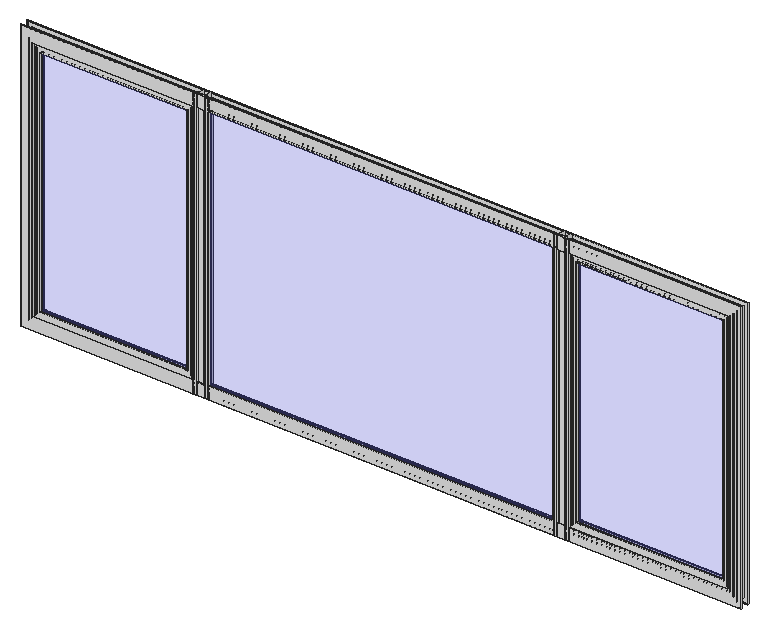
Revit family "WAL_A3-Classic-Side-Hung-2400-x900-PSS249", category Windows, host Wall, Revit 2016
Family settings
  Host = Wall
  Always vertical = Yes
  Cut with Voids When Loaded = No
  Shared = No
  Room Calculation Point = No
Parameters (values of type "600 x 900 PSS219 Classic Side Wall Hung")
  URL = "www.agi.co.za"
  Trim Material = Metal - Aluminium
  Model = "Top Hung"
  Manufacturer Code = "PSS249"
  Manufacturer = "AGI Aluminium"
  Height = 900 mm
  Glass Material = Glass
  Frame Material = Metal - Aluminium
  Description = "Classic Side Hung"
  Default Sill Height = 800 mm
  Wall Closure = By host
  Width = 2400 mm
  Assembly Code = "B2020110"
Reference planes
  plane 1 "Center": y = 0
  plane 2 "Center (Left/Right)": x = 0
  plane 3 "Left": x = -1200
  plane 4 "Right": x = 1200
  plane 5 "Sill": z = 800
  plane 6 "Head": z = 1700
  plane 7 "Exterior": y = 75
  plane 8 "Interior": y = -75
  plane 9: z = 1702
  plane 10: x = 1202
  plane 11: x = -1202
  plane 12: z = 798
  plane 13: z = 1664
  plane 14: z = 836
  plane 15: x = 1164
  plane 16: x = -1164
  plane 17: x = 600
  plane 18: x = 584
  plane 19: x = 622
  plane 20: x = -600
  plane 21: x = -584
  plane 22: x = -622
  plane 23: z = 1686.1
  plane 24: z = 813.9
Forms (mm)
  Sweep 1, solid, material "Metal - Aluminium", detail levels medium+fine
    path origin (0, 0, 0) x (1, 0, 0) y (0, 0, 1)
      loop
        line (1200, 1700) -> (-1200, 1700) -> (-1200, 800) -> (1200, 800) -> (1200, 1700)
    profile "Frame : Frame" origin (0, 0, 1700) x (0, 0, -1) y (0, -1, 0)
      loop
        line (0, -30) -> (28, -30) -> (28, -29) -> (26, -29) -> (26, -1) -> (28, -1) -> (28, -7) -> (29, -7) -> (29, -1) -> (37, -1) -> (37, -3.645) -> (38, -3.645) -> (38, -1) -> (40, -1) -> (40, -3.645) -> (41, -3.645) -> (41, 0) -> (0, 0) -> (0, -2) -> (1, -2) -> (1, -1) -> (15.005, -1) -> (15.005, -4) -> (16.005, -4) -> (16.005, -1) -> (25, -1) -> (25, -29) -> (16.005, -29) -> (16.005, -26) -> (15.005, -26) -> (15.005, -29) -> (1, -29) -> (1, -28) -> (0, -28) -> (0, -30)
  Sweep 2, solid, material "Metal - Aluminium", detail levels medium+fine
    path origin (0, 0, 0) x (1, 0, 0) y (0, 0, 1)
      loop
        line (600, 1700) -> (600, 800)
    profile "30 x 50 Center Divide : 30 x 50 Center Divide" origin (600, 0, 1250) x (1, 0, 0) y (0, -1, 0)
      loop
        line (-11, -5) -> (-11, -29) -> (11, -29) -> (11, -5) -> (-11, -5)
      loop
        line (-27.011, 0) -> (-27.011, -3.245) -> (-26.011, -3.245) -> (-26.011, -1) -> (-24.011, -1) -> (-24.011, -3.245) -> (-23.011, -3.245) -> (-23.011, -1) -> (-15.011, -1) -> (-15.011, -6.6) -> (-14.011, -6.6) -> (-14.011, -1) -> (-13.142, -1) -> (-12, -5.263) -> (-12, -29) -> (-14, -29) -> (-14, -30) -> (14, -30) -> (14, -29) -> (12, -29) -> (12, -5.263) -> (13.142, -1) -> (14, -1) -> (14, -7) -> (15, -7) -> (15, -1) -> (23, -1) -> (23, -3.645) -> (24, -3.645) -> (24, -1) -> (26, -1) -> (26, -3.645) -> (27, -3.645) -> (27, 0) -> (12.375, 0) -> (11.303, -4) -> (-11.303, -4) -> (-12.375, 0) -> (-27.011, 0)
  Sweep 3, solid, material "Metal - Aluminium", detail levels medium+fine
    path origin (0, 0, 0) x (-1, 0, 0) y (0, 0, 1)
      loop
        line (600, 1700) -> (600, 800)
    profile "30 x 50 Center Divide : 30 x 50 Center Divide" origin (-600, 0, 1250) x (1, 0, 0) y (0, -1, 0)
      loop
        line (11, -5) -> (-11, -5) -> (-11, -29) -> (11, -29) -> (11, -5)
      loop
        line (27.011, 0) -> (12.375, 0) -> (11.303, -4) -> (-11.303, -4) -> (-12.375, 0) -> (-27, 0) -> (-27, -3.645) -> (-26, -3.645) -> (-26, -1) -> (-24, -1) -> (-24, -3.645) -> (-23, -3.645) -> (-23, -1) -> (-15, -1) -> (-15, -7) -> (-14, -7) -> (-14, -1) -> (-13.142, -1) -> (-12, -5.263) -> (-12, -29) -> (-14, -29) -> (-14, -30) -> (14, -30) -> (14, -29) -> (12, -29) -> (12, -5.263) -> (13.142, -1) -> (14.011, -1) -> (14.011, -6.6) -> (15.011, -6.6) -> (15.011, -1) -> (23.011, -1) -> (23.011, -3.245) -> (24.011, -3.245) -> (24.011, -1) -> (26.011, -1) -> (26.011, -3.245) -> (27.011, -3.245) -> (27.011, 0)
  Sweep 4, solid, material "Metal - Aluminium", detail levels medium+fine
    path origin (0, 0, 0) x (1, 0, 0) y (0, 0, 1)
      loop
        line (1202, 1702) -> (584, 1702) -> (584, 798) -> (1202, 798) -> (1202, 1702)
    profile "Casement : Casement" origin (893, 0, 1702) x (0, 0, -1) y (0, -1, 0)
      loop
        line (40, -4.645) -> (40, -32.645) -> (49, -32.645) -> (49, -4.645) -> (40, -4.645)
      loop
        line (65, -3.645) -> (37, -3.645) -> (37, -4.645) -> (39, -4.645) -> (39, -32.645) -> (37, -32.645) -> (37, -26.645) -> (36, -26.645) -> (36, -32.645) -> (28, -32.645) -> (28, -30) -> (27, -30) -> (27, -32.645) -> (25, -32.645) -> (25, -30) -> (24, -30) -> (24, -33.645) -> (50, -33.645) -> (50, -4.645) -> (52, -4.645) -> (52, -10.645) -> (53, -10.645) -> (53, -4.645) -> (61, -4.645) -> (61, -7.289) -> (62, -7.289) -> (62, -4.645) -> (64, -4.645) -> (64, -7.289) -> (65, -7.289) -> (65, -3.645)
  Sweep 5, solid, material "Metal - Aluminium", detail levels medium+fine
    path origin (0, 0, 0) x (-1, 0, 0) y (0, 0, 1)
      loop
        line (1202, 1702) -> (584, 1702) -> (584, 798) -> (1202, 798) -> (1202, 1702)
    profile "Casement : Casement" origin (-893, 0, 1702) x (0, 0, 1) y (0, -1, 0)
      loop
        line (-40, -4.645) -> (-49, -4.645) -> (-49, -32.645) -> (-40, -32.645) -> (-40, -4.645)
      loop
        line (-65, -3.645) -> (-65, -7.289) -> (-64, -7.289) -> (-64, -4.645) -> (-62, -4.645) -> (-62, -7.289) -> (-61, -7.289) -> (-61, -4.645) -> (-53, -4.645) -> (-53, -10.645) -> (-52, -10.645) -> (-52, -4.645) -> (-50, -4.645) -> (-50, -33.645) -> (-24, -33.645) -> (-24, -30) -> (-25, -30) -> (-25, -32.645) -> (-27, -32.645) -> (-27, -30) -> (-28, -30) -> (-28, -32.645) -> (-36, -32.645) -> (-36, -26.645) -> (-37, -26.645) -> (-37, -32.645) -> (-39, -32.645) -> (-39, -4.645) -> (-37, -4.645) -> (-37, -3.645) -> (-65, -3.645)
  Sweep 6, solid, material "Metal - Aluminium", detail levels medium+fine
    path origin (0, 0, 0) x (1, 0, 0) y (0, 0, 1)
      loop
        line (600, 1686.1) -> (-600, 1686.1) -> (-600, 813.9) -> (600, 813.9) -> (600, 1686.1)
    profile "Trim : Trim" origin (0, 0, 1686.1) x (0, 0, -1) y (0, -1, 0)
      loop
        line (24.555, -1.643) -> (24.555, -4.05)
        arc (24.555, -4.05) -> (23.436, -4.753) -> (23, -6) r 2
        line (23, -6) -> (27, -6)
        arc (27, -6) -> (26.552, -4.739) -> (25.41, -4.042) r 2
        line (25.41, -4.042) -> (25.41, -1.643) -> (24.555, -1.643)
      loop
        line (14, -29) -> (29, -14) -> (29, -12.474) -> (26.323, -12.474)
        arc (26.323, -12.474) -> (26.823, -11.797) -> (27, -10.974) r 2
        line (27, -10.974) -> (23, -10.974)
        arc (23, -10.974) -> (23.177, -11.797) -> (23.677, -12.474) r 2
        line (23.677, -12.474) -> (13.467, -12.474) -> (13.467, -4) -> (12.5, -4) -> (12.5, -13.474) -> (20.535, -13.474) -> (24.323, -17.263) -> (12.586, -29) -> (14, -29)
  Sweep 7, solid, material "Metal - Aluminium", detail levels medium+fine
    path origin (0, 0, 0) x (1, 0, 0) y (0, 0, 1)
      loop
        line (1164, 1664) -> (622, 1664) -> (622, 836) -> (1164, 836) -> (1164, 1664)
    profile "Trim : Trim" origin (893, 0, 1664) x (0, 0, -1) y (0, -1, 0)
      loop
        line (24.555, -4.643) -> (24.555, -7.05)
        arc (24.555, -7.05) -> (23.436, -7.753) -> (23, -9) r 2
        line (23, -9) -> (27, -9)
        arc (27, -9) -> (26.552, -7.739) -> (25.41, -7.042) r 2
        line (25.41, -7.042) -> (25.41, -4.643) -> (24.555, -4.643)
      loop
        line (14, -32) -> (29, -17) -> (29, -15.474) -> (26.323, -15.474)
        arc (26.323, -15.474) -> (26.823, -14.797) -> (27, -13.974) r 2
        line (27, -13.974) -> (23, -13.974)
        arc (23, -13.974) -> (23.177, -14.797) -> (23.677, -15.474) r 2
        line (23.677, -15.474) -> (13.467, -15.474) -> (13.467, -7) -> (12.5, -7) -> (12.5, -16.474) -> (20.535, -16.474) -> (24.323, -20.263) -> (12.586, -32) -> (14, -32)
  Sweep 8, solid, material "Metal - Aluminium", detail levels medium+fine
    path origin (0, 0, 0) x (1, 0, 0) y (0, 0, 1)
      loop
        line (-622, 1664) -> (-1164, 1664) -> (-1164, 836) -> (-622, 836) -> (-622, 1664)
    profile "Trim : Trim" origin (-893, 0, 1664) x (0, 0, -1) y (0, -1, 0)
      loop
        line (24.555, -4.643) -> (24.555, -7.05)
        arc (24.555, -7.05) -> (23.436, -7.753) -> (23, -9) r 2
        line (23, -9) -> (27, -9)
        arc (27, -9) -> (26.552, -7.739) -> (25.41, -7.042) r 2
        line (25.41, -7.042) -> (25.41, -4.643) -> (24.555, -4.643)
      loop
        line (14, -32) -> (29, -17) -> (29, -15.474) -> (26.323, -15.474)
        arc (26.323, -15.474) -> (26.823, -14.797) -> (27, -13.974) r 2
        line (27, -13.974) -> (23, -13.974)
        arc (23, -13.974) -> (23.177, -14.797) -> (23.677, -15.474) r 2
        line (23.677, -15.474) -> (13.467, -15.474) -> (13.467, -7) -> (12.5, -7) -> (12.5, -16.474) -> (20.535, -16.474) -> (24.323, -20.263) -> (12.586, -32) -> (14, -32)
  Extrusion 9, solid, material "Glass", detail levels medium+fine
    sketch origin (0, 0, 0) x (1, 0, 0) y (0, 1, 0)
      loop
        line (-577.018, 10.974) -> (-577.018, 6) -> (577, 6) -> (577, 10.974) -> (-577.018, 10.974)
    from 836.9 to 1663.1
  Extrusion 10, solid, material "Glass", detail levels medium+fine
    sketch origin (0, 0, 0) x (1, 0, 0) y (0, 1, 0)
      loop
        line (644.982, 13.974) -> (644.982, 9) -> (1141, 9) -> (1141, 13.974) -> (644.982, 13.974)
      loop
        line (-1141.018, 13.974) -> (-1141.018, 9) -> (-645, 9) -> (-645, 13.974) -> (-1141.018, 13.974)
    from 859 to 1641
Cuts and joins
  joined: Sweep 1, Sweep 2, Sweep 3
Lines and regions (mm)
  Opening 1
    outline origin (3500, -75, 0) x (1, 0, 0) y (0, 0, 1)
      loop
        line (-2300, 800) -> (-2300, 1700) -> (-4700, 1700) -> (-4700, 800) -> (-2300, 800)
  symbolic lines, style "Elevation Swing"
    curve 1: line (1178, 0, 1678) -> (608, 0, 1250)
    curve 2: line (608, 0, 1250) -> (1177, 0, 823)
    curve 3: line (-1178, 0, 1678) -> (-608, 0, 1250)
    curve 4: line (-608, 0, 1250) -> (-1177, 0, 823)
Text (mm)
  text "EXTERIOR" at (-1963.203, 1332.353, 0), in view "Ref. Level"
  text "INTERIOR" at (-1981.466, -818.386, 0), in view "Ref. Level"
  text "Exterior" at (0, 923.751, 2943.296), in view "Right"
  text "Exterior" at (0, 1040.484, 2685.409), in view "Left"
Dimensions and locks
  equal spacing: plane 3 "Left", plane 2 "Center (Left/Right)", plane 4 "Right"
  "Width": plane 3 "Left" to plane 4 "Right"
  "Height": plane 5 "Sill" to plane 6 "Head"
  "Default Sill Height": plane 5 "Sill" to level
  locked: plane 7 "Exterior" to host wall at 0
  locked: plane 8 "Interior" to host wall
  locked: plane 12 to plane 5 "Sill" at 2
  locked: plane 6 "Head" to plane 9 at 2
  locked: plane 4 "Right" to plane 10 at 2
  locked: plane 11 to plane 3 "Left" at 2
  locked: plane 15 to plane 4 "Right" at 36
  locked: plane 3 "Left" to plane 16 at 36
  locked: plane 5 "Sill" to plane 14 at 36
  locked: plane 13 to plane 6 "Head" at 36
  locked: plane 17 to plane 4 "Right" at 600
  locked: plane 18 to plane 17 at 16
  locked: plane 19 to plane 17 at 22
  locked: plane 20 to plane 3 "Left" at 600
  locked: plane 21 to plane 20 at 16
  locked: plane 22 to plane 20 at 22
  locked: plane 5 "Sill" to plane 24 at 13.9
  locked: plane 23 to plane 6 "Head" at 13.9
  aligned and locked: host wall to Sweep 1 sketch curve
  aligned and locked: Sweep 1 sketch curve to host wall  (x3)
  aligned and locked: plane 6 "Head" to Sweep 2 sketch curve
  aligned and locked: plane 5 "Sill" to Sweep 2 sketch curve
  aligned and locked: Sweep 2 sketch curve to plane 17
  aligned and locked: plane 6 "Head" to Sweep 3 sketch curve
  aligned and locked: plane 5 "Sill" to Sweep 3 sketch curve
  aligned and locked: plane 20 to Sweep 3 sketch curve
  aligned and locked: plane 12 to Sweep 4 sketch curve
  aligned and locked: Sweep 4 sketch curve to plane 9
  aligned and locked: plane 10 to Sweep 4 sketch curve
  aligned and locked: Sweep 4 sketch curve to plane 18
  aligned and locked: plane 9 to Sweep 5 sketch curve
  aligned and locked: Sweep 5 sketch curve to plane 12
  aligned and locked: plane 21 to Sweep 5 sketch curve
  aligned and locked: plane 11 to Sweep 5 sketch curve
  aligned and locked: plane 24 to Sweep 6 sketch curve
  aligned and locked: Sweep 6 sketch curve to plane 23
  aligned and locked: plane 17 to Sweep 6 sketch curve
  aligned and locked: plane 20 to Sweep 6 sketch curve
  aligned and locked: plane 14 to Sweep 7 sketch curve
  aligned and locked: plane 19 to Sweep 7 sketch curve
  aligned and locked: plane 15 to Sweep 7 sketch curve
  aligned and locked: Sweep 7 sketch curve to plane 13
  aligned and locked: plane 14 to Sweep 8 sketch curve
  aligned and locked: Sweep 8 sketch curve to plane 13
  aligned and locked: plane 22 to Sweep 8 sketch curve
  aligned and locked: Sweep 8 sketch curve to plane 16
  aligned and locked: Sweep 6 to Extrusion 9 sketch curve  (x2)
  aligned and locked: Extrusion 9 sketch curve to Sweep 6  (x2)
  aligned and locked: Extrusion 9 to Sweep 6  (x2)
  aligned and locked: Sweep 7 to Extrusion 10 sketch curve  (x2)
  aligned and locked: Extrusion 10 sketch curve to Sweep 7  (x2)
  aligned and locked: Sweep 8 to Extrusion 10 sketch curve  (x2)
  aligned and locked: Extrusion 10 sketch curve to Sweep 8  (x2)
  aligned and locked: Extrusion 10 to Sweep 7
  aligned and locked: Extrusion 10 to Sweep 8
Automatic sketch dimensions
  Opening 1 sketch curve to plane 3 "Left" = 0 mm
  Opening 1 sketch curve to plane 4 "Right" = 0 mm
  Opening 1 sketch curve to plane 5 "Sill" = 0 mm
  Opening 1 sketch curve to plane 6 "Head" = 0 mm
  plane 16 to curve 3 = 14 mm
  plane 16 to curve 4 = 13 mm
  curve 4 to plane 20 = 8 mm
  curve 2 to plane 17 = 8 mm
  curve 2 to plane 15 = 13 mm
  curve 1 to plane 15 = 14 mm
  plane 24 to curve 2 = 9.1 mm
  plane 24 to curve 4 = 9.1 mm
  curve 2 to plane 13 = 414 mm
  curve 4 to plane 13 = 414 mm
  curve 3 to plane 23 = 8.1 mm
  curve 1 to plane 23 = 8.1 mm
